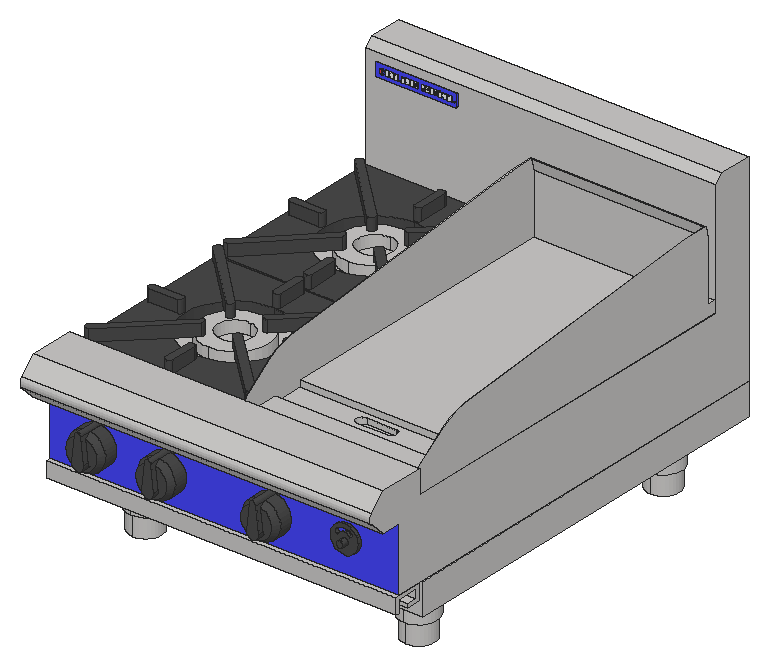
Revit family "QF_MOFFAT_BLUESEAL_CE_G514C-B", category Specialty Equipment, Revit 2012 (continued)
Definition of nested family "GAS BURNER & GRIDDLE 300"
  Lines and regions (mm)
    symbolic lines
      curve 83: spline (241.898, -463.6, 0) -> (240.604, -463.818, 0) -> (239.398, -464.457, 0) -> (238.362, -465.475, 0) -> (237.568, -466.8, 0) -> (237.068, -468.344, 0) -> (236.898, -470, 0) -> (237.068, -471.656, 0) -> (237.568, -473.2, 0) -> (238.362, -474.525, 0) -> (239.398, -475.543, 0) -> (240.604, -476.182, 0) -> (241.898, -476.4, 0)
      curve 84: line (241.898, -476.4, 0) -> (291.102, -476.4, 0)
      curve 85: arc (96.324, -103.773, 0) -> (121.466, -89.404, 0) -> (149.991, -84.418, 0) r 84.082
      curve 86: arc (212.871, -112.68, 0) -> (234.066, -167.408, 0) -> (214.3, -222.668, 0) r 84.082
      curve 87: arc (194.454, -202.178, 0) -> (207, -166.598, 0) -> (194.576, -130.975, 0) r 57
      curve 88: arc (114.628, -211.197, 0) -> (131.275, -220.336, 0) -> (150, -223.5, 0) r 57
      curve 89: arc (105.424, -130.975, 0) -> (93, -166.598, 0) -> (105.546, -202.178, 0) r 57
      curve 90: arc (187.434, -423.515, 0) -> (169.986, -413.119, 0) -> (150, -409.5, 0) r 57
      curve 91: arc (103.911, -432.962, 0) -> (93.053, -468.956, 0) -> (106.969, -503.881, 0) r 57
      curve 92: arc (109.732, -506.842, 0) -> (110.614, -507.704, 0) -> (111.516, -508.547, 0) r 57
      curve 93: arc (193.031, -503.881, 0) -> (206.947, -468.956, 0) -> (196.089, -432.962, 0) r 57
      curve 94: arc (214.491, -414.56, 0) -> (234.068, -469.429, 0) -> (213.283, -523.853, 0) r 84.082
      curve 95: arc (94.436, -405.385, 0) -> (120.301, -389.834, 0) -> (149.991, -384.418, 0) r 84.082
      curve 96: arc (86.707, -523.862, 0) -> (65.914, -469.429, 0) -> (85.499, -414.55, 0) r 84.082
      curve 97: arc (116.408, -512.55, 0) -> (132.334, -520.693, 0) -> (150, -523.5, 0) r 57
      curve 98: arc (204.147, -532.819, 0) -> (178.816, -547.487, 0) -> (149.991, -552.582, 0) r 84.082
      curve 99: arc (185.525, -121.924, 0) -> (168.817, -112.696, 0) -> (150, -109.5, 0) r 57
      curve 100: arc (205.331, -231.803, 0) -> (179.547, -247.216, 0) -> (149.991, -252.582, 0) r 84.082
      curve 101: arc (85.69, -222.678, 0) -> (65.916, -167.408, 0) -> (87.119, -112.67, 0) r 84.082
      curve 102: line (299, -315.5, 0) -> (299, -3, 0)
      curve 103: arc (299, -3, 0) -> (298.121, -0.879, 0) -> (296, 0, 0) r 3
      curve 104: spline (291.102, -172.9, 0) -> (292.396, -172.682, 0) -> (293.602, -172.043, 0) -> (294.638, -171.025, 0) -> (295.432, -169.7, 0) -> (295.932, -168.156, 0) -> (296.102, -166.5, 0) -> (295.932, -164.844, 0) -> (295.432, -163.3, 0) -> (294.638, -161.975, 0) -> (293.602, -160.957, 0) -> (292.396, -160.318, 0) -> (291.102, -160.1, 0)
      curve 105: spline (291.102, -476.4, 0) -> (292.396, -476.182, 0) -> (293.602, -475.543, 0) -> (294.638, -474.525, 0) -> (295.432, -473.2, 0) -> (295.932, -471.656, 0) -> (296.102, -470, 0) -> (295.932, -468.344, 0) -> (295.432, -466.8, 0) -> (294.638, -465.475, 0) -> (293.602, -464.457, 0) -> (292.396, -463.818, 0) -> (291.102, -463.6, 0)
      curve 106: arc (296, -635, 0) -> (298.121, -634.121, 0) -> (299, -632, 0) r 3
      curve 107: line (299, -632, 0) -> (299, -324.5, 0)
      curve 108: arc (299, -324.5, 0) -> (298.121, -322.379, 0) -> (296, -321.5, 0) r 3
      curve 109: arc (296, -318.5, 0) -> (298.121, -317.621, 0) -> (299, -315.5, 0) r 3
  Dimensions and locks
    equal spacing: plane 3 "LEFT", plane 7 "Center Y", plane 4 "RIGHT"
    "Width": plane 3 "LEFT" to plane 4 "RIGHT"
    equal spacing: plane 5 "FRONT", plane 8 "Center X", plane 1 "BACK"
    "Depth": plane 5 "FRONT" to plane 1 "BACK"
    aligned and locked: level to plane 2
  Automatic sketch dimensions
    plane 3 "LEFT" to Extrusion 1 sketch curve = 4 mm  (x2)
    plane 1 "BACK" to Extrusion 1 sketch curve = 0 mm
    plane 3 "LEFT" to Extrusion 1 sketch curve = 1 mm  (x2)
    Extrusion 1 sketch curve to Extrusion 1 sketch curve = 3 mm  (x5)
    plane 8 "Center X" to Extrusion 1 sketch curve = 149 mm
    Extrusion 1 sketch curve to plane 7 "Center Y" = 1 mm  (x2)
    plane 8 "Center X" to Extrusion 1 sketch curve = 2 mm  (x2)
    Extrusion 1 sketch curve to plane 5 "FRONT" = 166.5 mm
    Extrusion 1 sketch curve to plane 5 "FRONT" = 3 mm  (x2)
    plane 3 "LEFT" to Extrusion 1 sketch curve = 149.991 mm  (x2)
    Extrusion 2 sketch curve to Extrusion 1 = 22.602 mm  (x2)
    Extrusion 2 sketch curve to Extrusion 1 = 25.398 mm  (x2)
    Extrusion 2 sketch curve to Extrusion 2 sketch curve = 4.525 mm  (x16)
    Extrusion 2 sketch curve to Extrusion 2 sketch curve = 49.204 mm  (x5)
    Extrusion 2 sketch curve to Extrusion 2 sketch curve = 55.923 mm  (x5)
    Extrusion 2 sketch curve to Extrusion 2 sketch curve = 0 mm  (x5)
    Extrusion 2 sketch curve to Extrusion 2 sketch curve = 20.524 mm  (x8)
    Extrusion 2 sketch curve to Extrusion 2 sketch curve = 6.4 mm  (x8)
    Extrusion 2 sketch curve to Extrusion 2 sketch curve = 53.847 mm  (x8)
    Extrusion 2 sketch curve to Extrusion 1 = 56.602 mm
    Extrusion 2 sketch curve to Extrusion 1 = 5.102 mm  (x6)
    Extrusion 2 sketch curve to Extrusion 1 = 13.653 mm  (x2)
    Extrusion 2 sketch curve to Extrusion 1 = 7.398 mm  (x2)
    Extrusion 2 sketch curve to Extrusion 1 = 4.602 mm  (x2)
    Extrusion 2 sketch curve to Extrusion 1 = 7.898 mm  (x4)
    Extrusion 2 sketch curve to Extrusion 1 = 31.653 mm  (x2)
    Extrusion 2 sketch curve to Extrusion 1 = 57.102 mm
    Extrusion 2 sketch curve to Extrusion 1 = 14.153 mm
    Extrusion 3 sketch curve to Extrusion 3 sketch curve = 0 mm  (x24)
    plane 8 "Center X" to Extrusion 3 sketch curve = 208 mm
    Extrusion 3 sketch curve to Extrusion 3 sketch curve = 27 mm  (x2)
    Extrusion 3 sketch curve to Extrusion 3 sketch curve = 30 mm  (x2)
    Extrusion 3 sketch curve to plane 5 "FRONT" = 225.5 mm
    plane 3 "LEFT" to Extrusion 3 sketch curve = 150 mm  (x2)
    curve 8 to curve 9 = 0 mm
    curve 8 to curve 42 = 0 mm  (x2)
    curve 8 to curve 87 = 0 mm  (x2)
    curve 8 to curve 88 = 0 mm
    curve 8 to curve 89 = 0 mm
    curve 8 to curve 99 = 0 mm  (x2)
    curve 9 to curve 89 = 0 mm
    curve 10 to curve 11 = 0 mm  (x2)
    curve 10 to curve 85 = 0 mm
    curve 10 to curve 86 = 0 mm  (x2)
    curve 10 to curve 100 = 0 mm
    curve 76 to curve 77 = 0 mm
    curve 76 to curve 94 = 0 mm
    curve 78 to curve 79 = 0 mm
    curve 78 to curve 80 = 0 mm  (x2)
    curve 78 to curve 90 = 0 mm  (x2)
    curve 78 to curve 91 = 0 mm
    curve 78 to curve 92 = 0 mm
    curve 78 to curve 93 = 0 mm  (x2)
    curve 79 to curve 91 = 0 mm
    curve 92 to curve 97 = 0 mm
    curve 93 to curve 97 = 0 mm
    curve 94 to curve 98 = 0 mm  (x2)
    curve 95 to curve 98 = 0 mm  (x2)
    curve 96 to curve 98 = 0 mm  (x2)
    curve 100 to curve 101 = 0 mm  (x2)
    plane 5 "FRONT" to curve 24 = 0 mm
    plane 1 "BACK" to curve 17 = 0 mm
    plane 3 "LEFT" to curve 17 = 1 mm
    plane 3 "LEFT" to curve 24 = 1 mm
    curve 22 to curve 22 = 3 mm
    curve 19 to plane 8 "Center X" = 1 mm
    curve 19 to curve 22 = 0 mm
    plane 3 "LEFT" to curve 24 = 4 mm
    plane 3 "LEFT" to curve 17 = 4 mm
    plane 3 "LEFT" to curve 58 = 6.102 mm
    plane 3 "LEFT" to curve 33 = 6.102 mm
    plane 3 "LEFT" to curve 65 = 6.102 mm
    plane 3 "LEFT" to curve 38 = 6.102 mm
    plane 3 "LEFT" to curve 61 = 8.898 mm
    plane 3 "LEFT" to curve 37 = 8.898 mm
    curve 33 to curve 33 = 4.525 mm
    curve 64 to curve 65 = 4.525 mm
    curve 57 to curve 57 = 4.525 mm
    curve 38 to curve 41 = 4.525 mm
    curve 36 to curve 35 = 49.204 mm
    curve 62 to curve 63 = 49.204 mm
    curve 60 to curve 96 = 27.397 mm
    curve 35 to curve 101 = 27.588 mm
    curve 62 to curve 96 = 28.605 mm
    curve 36 to curve 101 = 29.017 mm
    curve 96 to curve 95 = 8.937 mm
    curve 101 to curve 11 = 8.97 mm
    curve 96 to curve 77 = 9.138 mm
    curve 101 to curve 85 = 9.204 mm
    curve 96 to curve 91 = 18.412 mm
    curve 101 to curve 89 = 18.305 mm
    curve 101 to curve 89 = 19.856 mm
    curve 96 to curve 91 = 20.262 mm
    curve 91 to curve 92 = 2.762 mm
    curve 92 to curve 92 = 1.784 mm
    curve 91 to curve 79 = 8.655 mm
    curve 91 to curve 67 = 7.056 mm
    curve 89 to curve 39 = 8.601 mm
    curve 89 to curve 32 = 8.479 mm
    curve 91 to curve 59 = 10.114 mm
    curve 89 to curve 9 = 9.051 mm
    curve 89 to curve 88 = 9.081 mm
    curve 92 to curve 97 = 4.893 mm
    curve 58 to curve 59 = 4.525 mm
    curve 31 to curve 31 = 4.525 mm
    curve 67 to curve 67 = 4.525 mm
    curve 38 to curve 39 = 4.525 mm
    plane 8 "Center X" to curve 47 = 6.398 mm
    curve 11 to curve 47 = 48.939 mm
    curve 79 to curve 51 = 31.034 mm
    curve 71 to plane 5 "FRONT" = 25.398 mm
    curve 77 to curve 71 = 47.755 mm
    curve 85 to curve 15 = 47.276 mm
    curve 59 to curve 77 = 31.44 mm
    curve 15 to curve 10 = 6.391 mm
    curve 76 to curve 97 = 0.009 mm
    curve 76 to curve 51 = 0.009 mm
    curve 46 to curve 47 = 6.4 mm
    curve 10 to curve 8 = 0.009 mm
    curve 70 to curve 71 = 6.4 mm
    curve 15 to curve 15 = 6.4 mm
    curve 80 to curve 53 = 26.924 mm
    curve 43 to curve 28 = 26.924 mm
    curve 43 to curve 2 = 26.924 mm
    curve 80 to curve 75 = 26.924 mm
    curve 1 to curve 2 = 4.525 mm
    curve 28 to curve 27 = 4.525 mm
    curve 75 to curve 75 = 4.525 mm
    curve 53 to curve 53 = 4.525 mm
    curve 75 to curve 78 = 6.668 mm
    curve 28 to curve 8 = 8.448 mm
    curve 2 to curve 99 = 8.601 mm
    curve 53 to curve 90 = 10.51 mm
    curve 75 to curve 93 = 7.056 mm
    curve 26 to curve 87 = 8.479 mm
    curve 2 to curve 87 = 8.601 mm  (x2)
    curve 90 to curve 93 = 8.655 mm
    curve 99 to curve 10 = 18.144 mm
    curve 78 to curve 98 = 20.555 mm
    curve 8 to curve 100 = 19.959 mm
    curve 90 to curve 76 = 18.122 mm
    curve 10 to curve 86 = 9.203 mm
    curve 98 to curve 94 = 9.136 mm
    curve 100 to curve 86 = 8.969 mm
    curve 76 to curve 94 = 8.936 mm
    curve 94 to curve 84 = 28.615 mm
    curve 6 to plane 7 "Center Y" = 58.102 mm
    plane 8 "Center X" to curve 29 = 3.602 mm
    curve 29 to plane 7 "Center Y" = 15.153 mm
    curve 52 to curve 28 = 0 mm
    curve 4 to plane 7 "Center Y" = 15.153 mm
    curve 72 to plane 7 "Center Y" = 15.153 mm
    curve 4 to curve 4 = 4.525 mm
    curve 55 to curve 55 = 4.525 mm
    curve 29 to curve 29 = 4.525 mm
    curve 72 to curve 73 = 4.525 mm
    curve 104 to plane 7 "Center Y" = 8.898 mm
    curve 82 to plane 7 "Center Y" = 8.898 mm
    curve 103 to plane 7 "Center Y" = 4 mm
    curve 106 to plane 7 "Center Y" = 4 mm
    curve 20 to curve 21 = 0 mm
    curve 102 to plane 7 "Center Y" = 1 mm
    curve 106 to plane 7 "Center Y" = 1 mm
    curve 24 to curve 66 = 19.602 mm
    curve 106 to curve 72 = 19.602 mm
    curve 71 to curve 69 = 47.704 mm
    curve 69 to curve 77 = 9.316 mm
    curve 70 to curve 77 = 29.07 mm
    curve 77 to curve 96 = 8.965 mm
    curve 98 to curve 94 = 8.967 mm
    curve 77 to curve 78 = 29.082 mm
    curve 98 to curve 78 = 20.269 mm
    curve 97 to curve 92 = 4.003 mm
    curve 97 to curve 67 = 6.575 mm
    curve 78 to curve 72 = 6.575 mm
    curve 92 to curve 91 = 2.96 mm
    curve 93 to curve 75 = 6.958 mm
    curve 97 to curve 81 = 27 mm
    curve 96 to curve 63 = 47.462 mm
    curve 94 to curve 84 = 47.453 mm
    curve 62 to curve 63 = 6.4 mm
    curve 83 to curve 83 = 6.4 mm
    curve 53 to curve 93 = 10.114 mm
    curve 58 to curve 91 = 10.114 mm
    curve 93 to curve 90 = 9.447 mm
    curve 94 to curve 76 = 9.166 mm
    curve 76 to curve 51 = 6.316 mm
    curve 55 to curve 20 = 16.653 mm
    curve 58 to curve 20 = 16.653 mm
    curve 49 to plane 8 "Center X" = 11.398 mm
    curve 22 to curve 19 = 6 mm
    plane 8 "Center X" to curve 102 = 2 mm
    plane 8 "Center X" to curve 33 = 3.602 mm
    curve 44 to curve 45 = 49.204 mm
    curve 45 to curve 11 = 9.316 mm
    curve 45 to curve 11 = 30.086 mm
    curve 100 to curve 8 = 29.082 mm
    curve 11 to curve 101 = 9.134 mm
    curve 100 to curve 86 = 9.135 mm
    curve 100 to curve 8 = 20.606 mm
    curve 8 to curve 27 = 8.722 mm
    curve 88 to curve 31 = 8.722 mm
    curve 89 to curve 32 = 8.754 mm
    curve 87 to curve 26 = 8.754 mm
    curve 8 to curve 42 = 27 mm
    curve 86 to curve 7 = 49.768 mm
    curve 101 to curve 34 = 49.778 mm
    curve 104 to curve 104 = 6.4 mm
    curve 34 to curve 35 = 6.4 mm
    curve 38 to curve 89 = 8.601 mm
    curve 39 to curve 9 = 8.601 mm
    curve 86 to curve 10 = 8.899 mm
    curve 10 to curve 15 = 9.816 mm
    curve 4 to curve 103 = 28.653 mm
    curve 38 to curve 17 = 28.653 mm
    plane 1 "BACK" to curve 13 = 25.398 mm
    radius of Extrusion 1 sketch curve = 84.082 mm  (x2)
  Nested families
    nested 1: "GAS GRIDDLE PLATE 300" at (300, -15, 0), type "GAS GRIDDLE PLATE 300"
      with Width 300 mm, Type Mark "", Status "", Specification by User "", Revision Code "", Item Number "", Installed By "", Identify Quantity as Lot yes, Furnished By "", Foodservice Equipment Identifier yes, Depth 620 mm
  Definition of nested family "GAS GRIDDLE PLATE 300"
    Parameters (values of type "GAS GRIDDLE PLATE 300")
      Width [instance] = 300 mm
      Weight in Pounds = 0
      URL Cutsheet = ""
      Type Mark [instance] = ""
      Status [instance] = ""
      Specification by User [instance] = ""
      Specification by Manufacturer = ""
      Serial Number = ""
      Seismic Rating = ""
      SMACNA No = ""
      Revision Code [instance] = ""
      Omniclass Number and Title = ""
      NAFEM Spec ID Number = ""
      Masterspec = ""
      Item Number [instance] = ""
      Installed By [instance] = ""
      Identify Quantity as Lot [instance] = yes
      Furnished By [instance] = ""
      Foodservice Equipment Identifier [instance] = yes
      Depth [instance] = 620 mm
      CSI MasterFormat = ""
      CSI Master Format = ""
    Reference planes
      plane 1 "BACK": y = 0
      plane 2: z = 0
      plane 3 "LEFT": x = 0
      plane 4 "RIGHT": x = 300
      plane 5 "FRONT": y = -620
      plane 6 "TOP": z = 142.5
      plane 7 "Center Y": x = 150
      plane 8 "Center X": y = -310
      plane 9: y = -530.997
      plane 10: y = -541.497
      plane 11: y = -503.25
      plane 12: y = -557.737
    Forms (mm)
      Extrusion 1, solid, material "QF_Finishes_Stainless Steel"
        sketch origin (0, 70.003, -874.5) x (0, 1, 0) y (0, 0, 1)
          loop
            line (-70, 875) -> (-70, 997.489) -> (-75.228, 1017) -> (-117.24, 1017) -> (-589.533, 971.523)
            arc (-589.533, 971.523) -> (-614.56, 965.803) -> (-637.306, 953.899) r 100
            line (-637.306, 953.899) -> (-690.003, 917) -> (-690.003, 875) -> (-70, 875)
        from 0 to 1.8
      Extrusion 2, solid, material "QF_Finishes_Stainless Steel"
        sketch origin (600, 70.003, -874.5) x (0, -1, 0) y (0, 0, 1)
          loop
            line (70, 875) -> (690.003, 875) -> (690.003, 917) -> (637.306, 953.899)
            arc (637.306, 953.899) -> (614.56, 965.803) -> (589.533, 971.523) r 100
            line (589.533, 971.523) -> (117.24, 1017) -> (75.228, 1017) -> (70, 997.489) -> (70, 875)
        from 300 to 301.2
      Extrusion 3, solid, material "QF_Finishes_Stainless Steel"
        sketch origin (150, 70.003, -874.5) x (0, 1, 0) y (0, 0, 1)
          loop
            line (-55, 895) -> (-573.253, 895) -> (-573.253, 884.5) -> (-627.74, 884.5) -> (-627.74, 895) -> (-690.003, 895) -> (-690.003, 875) -> (-55, 875) -> (-55, 895)
        from -148.2 to 150
      Extrusion 4, void
        sketch origin (150, -541.497, 10) x (0, -1, 0) y (1, 0, 0)
          loop
            arc (-7.497, 25) -> (-17.497, 35) -> (-27.497, 25) r 10
            line (-27.497, 25) -> (-27.497, -25)
            arc (-27.497, -25) -> (-17.497, -35) -> (-7.497, -25) r 10
            line (-7.497, -25) -> (-7.497, 25)
        from -41.4 to 40.142
      Extrusion 5, solid, material "QF_Finishes_Stainless Steel"
        sketch origin (0, 70.003, -874.5) x (0, 1, 0) y (0, 0, 1)
          loop
            line (-70, 875) -> (-70, 997.489) -> (-75.228, 1017) -> (-76.884, 1017) -> (-71.6, 997.278) -> (-71.6, 875) -> (-70, 875)
        from 0 to 298.8
    Cuts and joins
      Extrusion 4 cuts Extrusion 3
      joined: Extrusion 1, Extrusion 2, Extrusion 3, Extrusion 5
    Lines and regions (mm)
      symbolic lines
        curve 1: line (300, -503.25, 0) -> (0, -503.25, 0)
        curve 2: line (0, -557.737, 0) -> (300, -557.737, 0)
        curve 3: line (0, -1.68, 0) -> (300, -1.68, 0)
        curve 4: line (300, -1.68, 0) -> (300, -620, 0)
        curve 5: line (0, -620, 0) -> (0, -1.68, 0)
        curve 6: line (0, -620, 0) -> (300, -620, 0)
        curve 7: arc (175, -534, 0) -> (185, -524, 0) -> (175, -514, 0) r 10
        curve 8: line (175, -514, 0) -> (125, -514, 0)
        curve 9: arc (125, -514, 0) -> (115, -524, 0) -> (125, -534, 0) r 10
        curve 10: line (125, -534, 0) -> (175, -534, 0)
    Dimensions and locks
      equal spacing: plane 3 "LEFT", plane 7 "Center Y", plane 4 "RIGHT"
      "Width": plane 3 "LEFT" to plane 4 "RIGHT"
      equal spacing: plane 5 "FRONT", plane 8 "Center X", plane 1 "BACK"
      "Depth": plane 5 "FRONT" to plane 1 "BACK"
      locked: Extrusion 2 to Extrusion 2 at 1.2
      equal spacing: Extrusion 4 sketch curve, plane 7 "Center Y", Extrusion 4 sketch curve, locked at 35 each
      aligned and locked: level to plane 2
      aligned and locked: Extrusion 2 to plane 4 "RIGHT"
      aligned and locked: curve 1 to plane 11
      aligned and locked: plane 12 to curve 2
      aligned and locked: Extrusion 5 to cut or joined group of Extrusion 1, Extrusion 2, Extrusion 3, Extrusion 4, Extrusion 5
    Automatic sketch dimensions
      Extrusion 1 sketch curve to plane 5 "FRONT" = 0 mm
      Extrusion 1 sketch curve to plane 6 "TOP" = 0 mm
      plane 12 to Extrusion 1 sketch curve = 9.566 mm
      plane 11 to Extrusion 1 sketch curve = 16.28 mm
      Extrusion 1 sketch curve to level = 2.516 mm
      plane 11 to Extrusion 1 sketch curve = 6.695 mm
      plane 1 "BACK" to Extrusion 1 sketch curve = 47.237 mm
      plane 1 "BACK" to Extrusion 1 sketch curve = 5.225 mm
      Extrusion 1 sketch curve to plane 1 "BACK" = 0.003 mm
      level to Extrusion 1 sketch curve = 0.5 mm
      Extrusion 1 sketch curve to Extrusion 1 sketch curve = 42 mm
      Extrusion 1 sketch curve to plane 6 "TOP" = 63.101 mm
      Extrusion 1 sketch curve to plane 6 "TOP" = 19.511 mm
      Extrusion 2 sketch curve to plane 6 "TOP" = 0 mm
      Extrusion 2 sketch curve to plane 5 "FRONT" = 0 mm
      plane 12 to Extrusion 2 sketch curve = 9.566 mm
      plane 11 to Extrusion 2 sketch curve = 16.28 mm
      Extrusion 2 sketch curve to level = 2.516 mm
      plane 11 to Extrusion 2 sketch curve = 6.695 mm
      plane 1 "BACK" to Extrusion 2 sketch curve = 47.237 mm
      plane 1 "BACK" to Extrusion 2 sketch curve = 5.225 mm
      Extrusion 2 sketch curve to plane 1 "BACK" = 0.003 mm
      level to Extrusion 2 sketch curve = 0.5 mm
      Extrusion 2 sketch curve to Extrusion 2 sketch curve = 42 mm
      Extrusion 2 sketch curve to plane 6 "TOP" = 63.101 mm
      Extrusion 2 sketch curve to plane 6 "TOP" = 19.511 mm
      Extrusion 3 sketch curve to plane 5 "FRONT" = 0 mm
      Extrusion 3 sketch curve to plane 12 = 0 mm
      Extrusion 3 sketch curve to plane 11 = 0 mm
      Extrusion 3 sketch curve to plane 1 "BACK" = 15.003 mm
      level to Extrusion 3 sketch curve = 0.5 mm
      level to Extrusion 3 sketch curve = 10 mm
      Extrusion 3 sketch curve to Extrusion 3 sketch curve = 10.5 mm  (x2)
      plane 11 to Extrusion 4 sketch curve = 10.75 mm
      Extrusion 4 sketch curve to Extrusion 4 sketch curve = 10 mm
      Extrusion 4 sketch curve to plane 7 "Center Y" = 25 mm
      plane 1 "BACK" to Extrusion 5 sketch curve = 5.225 mm
      Extrusion 5 sketch curve to plane 1 "BACK" = 0.003 mm
      Extrusion 5 sketch curve to plane 6 "TOP" = 19.511 mm
      Extrusion 5 sketch curve to Extrusion 5 sketch curve = 1.6 mm
      Extrusion 5 sketch curve to Extrusion 5 sketch curve = 0.211 mm
      Extrusion 5 sketch curve to plane 6 "TOP" = 0 mm
      Extrusion 5 sketch curve to Extrusion 5 sketch curve = 1.656 mm
      level to Extrusion 5 sketch curve = 0.5 mm
      curve 6 to plane 3 "LEFT" = 0 mm
      curve 4 to plane 4 "RIGHT" = 0 mm
      plane 5 "FRONT" to curve 6 = 0 mm
      plane 11 to curve 8 = 10.75 mm
      curve 8 to plane 7 "Center Y" = 25 mm
      plane 7 "Center Y" to curve 7 = 25 mm
      curve 10 to curve 7 = 20 mm
      plane 1 "BACK" to curve 3 = 1.68 mm
